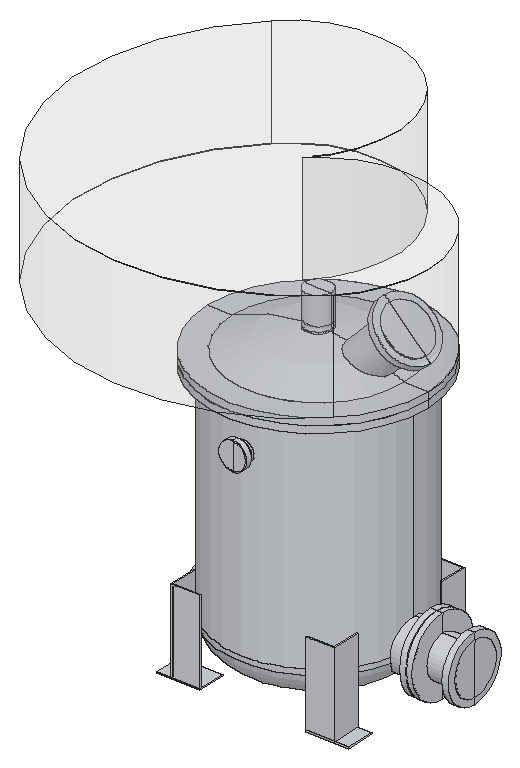
Revit family "Aquarevival_BSG40", category Mechanical Equipment, Revit 2018
Family settings
  Round Connector Dimension = Use Diameter
  Part Type = Normal
  OmniClass Number = 23.75.00.00
  OmniClass Title = Climate Control (HVAC)
  Work Plane-Based = No
  Always vertical = Yes
  Cut with Voids When Loaded = No
  Shared = No
  Room Calculation Point = No
Parameters
  Panel Location (0-4) [instance] = 0
  Panel 4 [instance] = [Panel Location (0-4)] = 4  # no
  Panel 3 [instance] = [Panel Location (0-4)] = 3  # no
  Panel 2 [instance] = [Panel Location (0-4)] = 2  # no
  Panel 1 [instance] = not(or([Panel Location (0-4)] = 2, [Panel Location (0-4)] = 3, [Panel Location (0-4)] = 4, [Panel Location (0-4)] = 0))  # no
  Outlet = 0' - 8"
  Model = "BSG40"
  Manufacturer = "Aqua Revival LLC"
  Keynote = ""
  Inlet = 0' - 8"
  Filter Discharge Rotation [instance] = 0.00°
  Filter Clearance Rotation [instance] = 0.00°
  Drain = 0' - 6"
  Description = "Regenerative Media Filter"
Reference planes (in)
  plane 1 "Center (Front/Back)": y = 0
  plane 2: z = 0
  plane 3 "Center (Left/Right)": x = 0
  plane 4: x = -10
  plane 5: x = -20.04939
  plane 6: y = -17.04402
Forms (in)
  Revolve 1, solid
    sketch origin (-9.98793, 0, 1.53002) x (1, 0, 0) y (0, 0, 1)
      loop
        line (-14.12767, 5.39286) -> (2.50798, 5.39286) -> (2.50798, 8.70536) -> (-13.12766, 8.70536) -> (-13.12766, 10.89286) -> (-14.12767, 10.89286) -> (-14.12767, 5.39286)
      axis (-14.12767, 5.39286) -> (2.50798, 5.39286)
    angle from 0 to 360
  Extrusion 2, solid
    sketch origin (-9.98793, 0, 1.53002) x (0, 1, 0) y (0, 0, 1)
      loop
        circle (0, 5.39286) r 3.25
    from -14.26766 to -14.12767
  Revolve 3, solid
    sketch origin (0, -62.99083, 4.41379) x (0, 1, 0) y (0, 0, 1)
      loop
        line (40.62187, 45.49946) -> (44.12187, 45.49946) -> (44.12187, 47.76786) -> (42.49057, 47.76786) -> (42.39687, 47.86156) -> (42.39687, 48.01786) -> (41.87187, 48.01786) -> (41.87187, 48.41208) -> (40.71557, 48.41208) -> (40.62187, 48.31823) -> (40.62187, 45.49946)
      axis (40.62187, 45.49946) -> (44.12187, 45.49946)
    angle from 0 to 360
  Extrusion 4, solid
    sketch origin (0, 0, 0) x (1, 0, 0) y (0, 1, 0)
      loop
        line (-20.04939, -17.04402) -> (-11.04939, -17.04402) -> (-11.04939, -11.04402) -> (-20.04939, -11.04402) -> (-20.04939, -17.04402)
      loop
        line (20.04939, -17.04402) -> (20.04939, -11.04402) -> (11.04939, -11.04402) -> (11.04939, -17.04402) -> (20.04939, -17.04402)
      loop
        line (-20.04939, 17.04402) -> (-20.04939, 11.04402) -> (-11.04939, 11.04402) -> (-11.04939, 17.04402) -> (-20.04939, 17.04402)
      loop
        line (20.04939, 17.04402) -> (11.04939, 17.04402) -> (11.04939, 11.04402) -> (20.04939, 11.04402) -> (20.04939, 17.04402)
    from 0 to 0.25
  Extrusion 5, solid
    sketch origin (0, 0, 0) x (1, 0, 0) y (0, 1, 0)
      loop
        line (-11.04939, -17.04402) -> (-11.04939, -16.79402) -> (-16.79939, -16.79402) -> (-16.79939, -11.04402) -> (-17.04939, -11.04402) -> (-17.04939, -17.04402) -> (-11.04939, -17.04402)
      loop
        line (11.04939, -17.04402) -> (17.04939, -17.04402) -> (17.04939, -11.04402) -> (16.79939, -11.04402) -> (16.79939, -16.79402) -> (11.04939, -16.79402) -> (11.04939, -17.04402)
      loop
        line (-11.04939, 17.04402) -> (-17.04939, 17.04402) -> (-17.04939, 11.04402) -> (-16.79939, 11.04402) -> (-16.79939, 16.79402) -> (-11.04939, 16.79402) -> (-11.04939, 17.04402)
      loop
        line (11.04939, 17.04402) -> (11.04939, 16.79402) -> (16.79939, 16.79402) -> (16.79939, 11.04402) -> (17.04939, 11.04402) -> (17.04939, 17.04402) -> (11.04939, 17.04402)
    from 0.25 to 17.75
  Extrusion 6, solid, visible <- "Panel 1"
    sketch origin (-2.52168, -7.33787, 2.94343) x (1, 0, 0) y (0, 1, 0)
      loop
        line (-26.32299, -12.86214) -> (-26.32299, -13.11014) -> (-27.35099, -13.11014) -> (-27.35099, -13.77514)
        arc (-27.35099, -13.77514) -> (-27.30413, -13.88828) -> (-27.19099, -13.93514) r 0.16
        line (-27.19099, -13.93514) -> (-11.87099, -13.93514)
        arc (-11.87099, -13.93514) -> (-11.76846, -13.89267) -> (-11.72599, -13.79014) r 0.145
        line (-11.72599, -13.79014) -> (-11.72599, -13.11014) -> (-12.65099, -13.11014) -> (-12.65099, -12.86215) -> (-11.62098, -12.86215)
        arc (-11.62098, -12.86215) -> (-11.51852, -12.81975) -> (-11.47597, -12.71735) r 0.14501
        line (-11.47597, -12.71735) -> (-11.47597, -7.00721)
        arc (-11.47597, -7.00721) -> (-11.51845, -6.90466) -> (-11.62101, -6.86218) r 0.14504
        line (-11.62101, -6.86218) -> (-27.331, -6.86218)
        arc (-27.331, -6.86218) -> (-27.43352, -6.90464) -> (-27.47598, -7.00716) r 0.14498
        line (-27.47598, -7.00716) -> (-27.47598, -12.71714)
        arc (-27.47598, -12.71714) -> (-27.43351, -12.81967) -> (-27.33099, -12.86214) r 0.145
        line (-27.33099, -12.86214) -> (-26.32299, -12.86214)
    from 35.1762 to 51.1012
  Extrusion 7, solid, visible <- "Panel 1"
    sketch origin (-2.52169, -7.33785, 2.94343) x (1, 0, 0) y (0, 1, 0)
      loop
        line (-27.47599, -6.86218) -> (-11.39599, -6.86218)
        arc (-11.39599, -6.86218) -> (-13.7725, -4.05696) -> (-15.59191, -0.86215) r 19.88322
        line (-15.59191, -0.86215) -> (-27.47599, -0.86215) -> (-27.47599, -6.86218)
    from 50.9012 to 51.1012
  Extrusion 8, solid, visible <- "Panel 1"
    sketch origin (-2.52169, -7.33785, 2.94343) x (0, 1, 0) y (0, 0, 1)
      loop
        line (-6.86218, 50.9012) -> (-6.86218, 49.53074) -> (-6.61218, 49.53074) -> (-6.61218, 50.9012) -> (-6.86218, 50.9012)
    from -27.47599 to -11.47597
  Extrusion 9, solid, visible <- "Panel 1"
    sketch origin (-2.52169, -7.33785, 89.22083) x (0, -1, 0) y (-1, 0, 0)
      loop
        line (6.86218, 11.39599) -> (6.86218, 27.47599) -> (0.86215, 27.47599) -> (0.86215, 15.59191)
        arc (0.86215, 15.59191) -> (4.05696, 13.7725) -> (6.86218, 11.39599) r 19.88322
    from 50.9012 to 51.1012
  Extrusion 10, solid, visible <- "Panel 1"
    sketch origin (-2.52169, -7.33785, 89.22083) x (0, 1, 0) y (0, 0, 1)
      loop
        line (-6.86218, -50.9012) -> (-6.61218, -50.9012) -> (-6.61218, -49.53074) -> (-6.86218, -49.53074) -> (-6.86218, -50.9012)
    from -27.47599 to -11.47597
  Revolve 11, solid, visible <- "Panel 1"
    sketch origin (-21.99766, -68.87887, 2.94343) x (0, -1, 0) y (0, 0, 1)
      loop
        line (-45.98085, 39.52627) -> (-45.98085, 40.27627)
        arc (-45.98085, 40.27627) -> (-46.1273, 40.62983) -> (-46.48085, 40.77627) r 0.5
        line (-46.48085, 40.77627) -> (-46.60585, 40.77627) -> (-46.60585, 40.02627) -> (-47.35585, 40.02627) -> (-47.35585, 40.10855) -> (-47.60585, 40.10855) -> (-47.60585, 39.52627) -> (-45.98085, 39.52627)
      axis (-47.60585, 39.52627) -> (-45.98085, 39.52627)
    angle from 0 to 360
  Revolve 12, solid
    sketch origin (5.82327, 0, 1.58801) x (1, 0, 0) y (0, 0, 1)
      loop
        line (17.62219, 15.70024) -> (5.18163, 15.70024) -> (5.18163, 10.32524) -> (26.96418, 10.32524) -> (26.96418, 15.63774) -> (26.81618, 15.63774) -> (26.81618, 17.07524) -> (25.44118, 17.07524) -> (25.44118, 14.63774) -> (20.19719, 14.63774) -> (20.19719, 18.32524) -> (18.97005, 18.32524) -> (18.97005, 18.19644) -> (18.84719, 18.19644) -> (18.84719, 18.32524) -> (17.62219, 18.32524) -> (17.62219, 15.70024)
      axis (5.18163, 10.32524) -> (26.96418, 10.32524)
    angle from 0 to 360
  Revolve 13, solid
    sketch origin (0, 0, 0) x (1, 0, 0) y (0, 0, 1)
      loop
        line (0, 71.63995) -> (-2.75, 71.63995) -> (-2.75, 65.8692)
        arc (-2.75, 65.8692) -> (-2.67781, 65.32786) -> (-2.75, 64.78652) r 2.06584
        line (-2.75, 64.78652) -> (-2.75, 64.45245) -> (-2.46875, 64.45245) -> (-2.46875, 64.37655)
        arc (-2.46875, 64.37655) -> (-10.42157, 63.07765) -> (-17.95538, 60.21825) r 40.1875
        line (-17.95538, 60.21825) -> (-23, 60.21825) -> (-23, 58.71825) -> (-22.75, 58.71825) -> (-22.75, 58.65575) -> (-23, 58.65575) -> (-23, 57.22) -> (-20, 57.22) -> (-20, 11.51874)
        arc (-20, 11.51874) -> (-19.97074, 10.88862) -> (-19.88322, 10.26392) r 6.8
        arc (-19.88322, 10.26392) -> (-18.57602, 7.55925) -> (-16.34755, 5.54482) r 7.83902
        arc (-16.34755, 5.54482) -> (-8.48367, 2.1143) -> (0, 0.83507) r 32.87889
        line (0, 0.83507) -> (0, 71.63995)
      axis (0, 71.63995) -> (0, 0.83507)
    angle from 0 to 360
  Extrusion 14, solid, visible <- "Panel 2"
    sketch origin (2.52168, -7.33787, 2.94343) x (-1, 0, 0) y (0, -1, 0)
      loop
        line (-26.32299, 12.86214) -> (-27.33099, 12.86214)
        arc (-27.33099, 12.86214) -> (-27.43351, 12.81967) -> (-27.47598, 12.71714) r 0.145
        line (-27.47598, 12.71714) -> (-27.47598, 7.00716)
        arc (-27.47598, 7.00716) -> (-27.43352, 6.90464) -> (-27.331, 6.86218) r 0.14498
        line (-27.331, 6.86218) -> (-11.62101, 6.86218)
        arc (-11.62101, 6.86218) -> (-11.51845, 6.90466) -> (-11.47597, 7.00721) r 0.14504
        line (-11.47597, 7.00721) -> (-11.47597, 12.71735)
        arc (-11.47597, 12.71735) -> (-11.51852, 12.81975) -> (-11.62098, 12.86215) r 0.14501
        line (-11.62098, 12.86215) -> (-12.65099, 12.86215) -> (-12.65099, 13.11014) -> (-11.72599, 13.11014) -> (-11.72599, 13.79014)
        arc (-11.72599, 13.79014) -> (-11.76846, 13.89267) -> (-11.87099, 13.93514) r 0.145
        line (-11.87099, 13.93514) -> (-27.19099, 13.93514)
        arc (-27.19099, 13.93514) -> (-27.30413, 13.88828) -> (-27.35099, 13.77514) r 0.16
        line (-27.35099, 13.77514) -> (-27.35099, 13.11014) -> (-26.32299, 13.11014) -> (-26.32299, 12.86214)
    from 35.1762 to 51.1012
  Extrusion 15, solid, visible <- "Panel 2"
    sketch origin (2.52169, -7.33785, 2.94343) x (-1, 0, 0) y (0, -1, 0)
      loop
        line (-27.47599, 6.86218) -> (-27.47599, 0.86215) -> (-15.59191, 0.86215)
        arc (-15.59191, 0.86215) -> (-13.7725, 4.05696) -> (-11.39599, 6.86218) r 19.88322
        line (-11.39599, 6.86218) -> (-27.47599, 6.86218)
    from 50.9012 to 51.1012
  Extrusion 16, solid, visible <- "Panel 2"
    sketch origin (2.52169, -7.33785, 2.94343) x (0, 1, 0) y (0, 0, -1)
      loop
        line (-6.86218, -50.9012) -> (-6.61218, -50.9012) -> (-6.61218, -49.53074) -> (-6.86218, -49.53074) -> (-6.86218, -50.9012)
    from -27.47599 to -11.47597
  Extrusion 17, solid, visible <- "Panel 2"
    sketch origin (2.52169, -7.33785, 89.22083) x (0, 1, 0) y (1, 0, 0)
      loop
        arc (-6.86218, 11.39599) -> (-4.05696, 13.7725) -> (-0.86215, 15.59191) r 19.88322
        line (-0.86215, 15.59191) -> (-0.86215, 27.47599) -> (-6.86218, 27.47599) -> (-6.86218, 11.39599)
    from 50.9012 to 51.1012
  Extrusion 18, solid, visible <- "Panel 2"
    sketch origin (2.52169, -7.33785, 89.22083) x (0, 1, 0) y (0, 0, -1)
      loop
        line (-6.86218, 50.9012) -> (-6.86218, 49.53074) -> (-6.61218, 49.53074) -> (-6.61218, 50.9012) -> (-6.86218, 50.9012)
    from -27.47599 to -11.47597
  Revolve 19, solid, visible <- "Panel 2"
    sketch origin (21.99766, -68.87887, 2.94343) x (0, -1, 0) y (0, 0, -1)
      loop
        line (-45.98085, -39.52627) -> (-47.60585, -39.52627) -> (-47.60585, -40.10855) -> (-47.35585, -40.10855) -> (-47.35585, -40.02627) -> (-46.60585, -40.02627) -> (-46.60585, -40.77627) -> (-46.48085, -40.77627)
        arc (-46.48085, -40.77627) -> (-46.1273, -40.62983) -> (-45.98085, -40.27627) r 0.5
        line (-45.98085, -40.27627) -> (-45.98085, -39.52627)
      axis (-47.60585, -39.52627) -> (-45.98085, -39.52627)
    angle from 0 to 360
  Extrusion 20, solid, visible <- "Panel 4"
    sketch origin (-2.52168, 7.33787, 2.94343) x (1, 0, 0) y (0, 1, 0)
      loop
        line (-26.32299, 12.86214) -> (-27.33099, 12.86214)
        arc (-27.33099, 12.86214) -> (-27.43351, 12.81967) -> (-27.47598, 12.71714) r 0.145
        line (-27.47598, 12.71714) -> (-27.47598, 7.00716)
        arc (-27.47598, 7.00716) -> (-27.43352, 6.90464) -> (-27.331, 6.86218) r 0.14498
        line (-27.331, 6.86218) -> (-11.62101, 6.86218)
        arc (-11.62101, 6.86218) -> (-11.51845, 6.90466) -> (-11.47597, 7.00721) r 0.14504
        line (-11.47597, 7.00721) -> (-11.47597, 12.71735)
        arc (-11.47597, 12.71735) -> (-11.51852, 12.81975) -> (-11.62098, 12.86215) r 0.14501
        line (-11.62098, 12.86215) -> (-12.65099, 12.86215) -> (-12.65099, 13.11014) -> (-11.72599, 13.11014) -> (-11.72599, 13.79014)
        arc (-11.72599, 13.79014) -> (-11.76846, 13.89267) -> (-11.87099, 13.93514) r 0.145
        line (-11.87099, 13.93514) -> (-27.19099, 13.93514)
        arc (-27.19099, 13.93514) -> (-27.30413, 13.88828) -> (-27.35099, 13.77514) r 0.16
        line (-27.35099, 13.77514) -> (-27.35099, 13.11014) -> (-26.32299, 13.11014) -> (-26.32299, 12.86214)
    from 35.1762 to 51.1012
  Extrusion 21, solid, visible <- "Panel 4"
    sketch origin (-2.52169, 7.33785, 2.94343) x (1, 0, 0) y (0, 1, 0)
      loop
        line (-27.47599, 6.86218) -> (-27.47599, 0.86215) -> (-15.59191, 0.86215)
        arc (-15.59191, 0.86215) -> (-13.7725, 4.05696) -> (-11.39599, 6.86218) r 19.88322
        line (-11.39599, 6.86218) -> (-27.47599, 6.86218)
    from 50.9012 to 51.1012
  Extrusion 22, solid, visible <- "Panel 4"
    sketch origin (-2.52169, 7.33785, 2.94343) x (0, -1, 0) y (0, 0, -1)
      loop
        line (-6.86218, -50.9012) -> (-6.61218, -50.9012) -> (-6.61218, -49.53074) -> (-6.86218, -49.53074) -> (-6.86218, -50.9012)
    from -27.47599 to -11.47597
  Extrusion 23, solid, visible <- "Panel 4"
    sketch origin (-2.52169, 7.33785, 89.22083) x (0, -1, 0) y (-1, 0, 0)
      loop
        arc (-6.86218, 11.39599) -> (-4.05696, 13.7725) -> (-0.86215, 15.59191) r 19.88322
        line (-0.86215, 15.59191) -> (-0.86215, 27.47599) -> (-6.86218, 27.47599) -> (-6.86218, 11.39599)
    from 50.9012 to 51.1012
  Extrusion 24, solid, visible <- "Panel 4"
    sketch origin (-2.52169, 7.33785, 89.22083) x (0, -1, 0) y (0, 0, -1)
      loop
        line (-6.86218, 50.9012) -> (-6.86218, 49.53074) -> (-6.61218, 49.53074) -> (-6.61218, 50.9012) -> (-6.86218, 50.9012)
    from -27.47599 to -11.47597
  Revolve 25, solid, visible <- "Panel 4"
    sketch origin (-21.99766, 68.87887, 2.94343) x (0, 1, 0) y (0, 0, -1)
      loop
        line (-45.98085, -39.52627) -> (-47.60585, -39.52627) -> (-47.60585, -40.10855) -> (-47.35585, -40.10855) -> (-47.35585, -40.02627) -> (-46.60585, -40.02627) -> (-46.60585, -40.77627) -> (-46.48085, -40.77627)
        arc (-46.48085, -40.77627) -> (-46.1273, -40.62983) -> (-45.98085, -40.27627) r 0.5
        line (-45.98085, -40.27627) -> (-45.98085, -39.52627)
      axis (-47.60585, -39.52627) -> (-45.98085, -39.52627)
    angle from 0 to 360
  Extrusion 26, solid, visible <- "Panel 3"
    sketch origin (2.52168, 7.33787, 2.94343) x (-1, 0, 0) y (0, -1, 0)
      loop
        line (-26.32299, -12.86214) -> (-26.32299, -13.11014) -> (-27.35099, -13.11014) -> (-27.35099, -13.77514)
        arc (-27.35099, -13.77514) -> (-27.30413, -13.88828) -> (-27.19099, -13.93514) r 0.16
        line (-27.19099, -13.93514) -> (-11.87099, -13.93514)
        arc (-11.87099, -13.93514) -> (-11.76846, -13.89267) -> (-11.72599, -13.79014) r 0.145
        line (-11.72599, -13.79014) -> (-11.72599, -13.11014) -> (-12.65099, -13.11014) -> (-12.65099, -12.86215) -> (-11.62098, -12.86215)
        arc (-11.62098, -12.86215) -> (-11.51852, -12.81975) -> (-11.47597, -12.71735) r 0.14501
        line (-11.47597, -12.71735) -> (-11.47597, -7.00721)
        arc (-11.47597, -7.00721) -> (-11.51845, -6.90466) -> (-11.62101, -6.86218) r 0.14504
        line (-11.62101, -6.86218) -> (-27.331, -6.86218)
        arc (-27.331, -6.86218) -> (-27.43352, -6.90464) -> (-27.47598, -7.00716) r 0.14498
        line (-27.47598, -7.00716) -> (-27.47598, -12.71714)
        arc (-27.47598, -12.71714) -> (-27.43351, -12.81967) -> (-27.33099, -12.86214) r 0.145
        line (-27.33099, -12.86214) -> (-26.32299, -12.86214)
    from 35.1762 to 51.1012
  Extrusion 27, solid, visible <- "Panel 3"
    sketch origin (2.52169, 7.33785, 2.94343) x (-1, 0, 0) y (0, -1, 0)
      loop
        line (-27.47599, -6.86218) -> (-11.39599, -6.86218)
        arc (-11.39599, -6.86218) -> (-13.7725, -4.05696) -> (-15.59191, -0.86215) r 19.88322
        line (-15.59191, -0.86215) -> (-27.47599, -0.86215) -> (-27.47599, -6.86218)
    from 50.9012 to 51.1012
  Extrusion 28, solid, visible <- "Panel 3"
    sketch origin (2.52169, 7.33785, 2.94343) x (0, -1, 0) y (0, 0, 1)
      loop
        line (-6.86218, 50.9012) -> (-6.86218, 49.53074) -> (-6.61218, 49.53074) -> (-6.61218, 50.9012) -> (-6.86218, 50.9012)
    from -27.47599 to -11.47597
  Extrusion 29, solid, visible <- "Panel 3"
    sketch origin (2.52169, 7.33785, 89.22083) x (0, 1, 0) y (1, 0, 0)
      loop
        line (6.86218, 11.39599) -> (6.86218, 27.47599) -> (0.86215, 27.47599) -> (0.86215, 15.59191)
        arc (0.86215, 15.59191) -> (4.05696, 13.7725) -> (6.86218, 11.39599) r 19.88322
    from 50.9012 to 51.1012
  Extrusion 30, solid, visible <- "Panel 3"
    sketch origin (2.52169, 7.33785, 89.22083) x (0, -1, 0) y (0, 0, 1)
      loop
        line (-6.86218, -50.9012) -> (-6.61218, -50.9012) -> (-6.61218, -49.53074) -> (-6.86218, -49.53074) -> (-6.86218, -50.9012)
    from -27.47599 to -11.47597
  Revolve 31, solid, visible <- "Panel 3"
    sketch origin (21.99766, 68.87887, 2.94343) x (0, 1, 0) y (0, 0, 1)
      loop
        line (-45.98085, 39.52627) -> (-45.98085, 40.27627)
        arc (-45.98085, 40.27627) -> (-46.1273, 40.62983) -> (-46.48085, 40.77627) r 0.5
        line (-46.48085, 40.77627) -> (-46.60585, 40.77627) -> (-46.60585, 40.02627) -> (-47.35585, 40.02627) -> (-47.35585, 40.10855) -> (-47.60585, 40.10855) -> (-47.60585, 39.52627) -> (-45.98085, 39.52627)
      axis (-47.60585, 39.52627) -> (-45.98085, 39.52627)
    angle from 0 to 360
Cuts and joins
  joined: Revolve 1, Revolve 3, Extrusion 5
Lines and regions (in)
  reference lines
    curve 1: line (0, 0, 0) -> (19, 0, 0)
    curve 2: line (0, 0, 0) -> (0, 19, 0)
  model lines, visible <- "Panel 1"
    curve 3: line (-26.62607, -21.27301, 51.40203) -> (-18.24781, -21.27301, 51.40203)
    curve 4: line (-26.62607, -21.27301, 45.68477) -> (-26.62607, -21.27301, 51.40203)
    curve 5: line (-18.24781, -21.27301, 45.68477) -> (-26.62607, -21.27301, 45.68477)
    curve 6: line (-18.24781, -21.27301, 51.40203) -> (-18.24781, -21.27301, 45.68477)
    curve 7: line (-19.34639, -21.27301, 46.79143) -> (-25.52749, -21.27301, 46.79143)
    curve 8: line (-19.34639, -21.27301, 50.29537) -> (-19.34639, -21.27301, 46.79143)
    curve 9: line (-25.52749, -21.27301, 50.29537) -> (-19.34639, -21.27301, 50.29537)
    curve 10: line (-25.52749, -21.27301, 46.79143) -> (-25.52749, -21.27301, 50.29537)
    curve 11: arc (-16.49997, -21.27301, 46.59352) -> (-17.05115, -21.27301, 46.04233) -> (-16.49997, -21.27301, 45.49115) r 0.55118
    curve 12: arc (-16.49997, -21.27301, 45.49115) -> (-15.94879, -21.27301, 46.04233) -> (-16.49997, -21.27301, 46.59352) r 0.55118
    curve 13: arc (-16.49997, -21.27301, 45.60926) -> (-16.0669, -21.27301, 46.04233) -> (-16.49997, -21.27301, 46.4754) r 0.43307
    curve 14: arc (-16.49997, -21.27301, 46.4754) -> (-16.93304, -21.27301, 46.04233) -> (-16.49997, -21.27301, 45.60926) r 0.43307
    curve 15: arc (-16.49997, -21.27301, 46.37107) -> (-16.82871, -21.27301, 46.04233) -> (-16.49997, -21.27301, 45.71359) r 0.32874
    curve 16: arc (-16.49997, -21.27301, 45.71359) -> (-16.17123, -21.27301, 46.04233) -> (-16.49997, -21.27301, 46.37107) r 0.32874
    curve 17: line (-16.81007, -21.27301, 46.09745) -> (-16.18987, -21.27301, 46.09745)
    curve 18: line (-16.18987, -21.27301, 45.98722) -> (-16.81007, -21.27301, 45.98722)
  model lines
    curve 19: line (-19.21583, 0, 11.83507) -> (-19.21583, 0, 0.83507)
  model lines, visible <- "Panel 2"
    curve 20: line (26.62607, -21.27301, 51.40203) -> (18.24781, -21.27301, 51.40203)
    curve 21: line (26.62607, -21.27301, 45.68477) -> (26.62607, -21.27301, 51.40203)
    curve 22: line (18.24781, -21.27301, 45.68477) -> (26.62607, -21.27301, 45.68477)
    curve 23: line (18.24781, -21.27301, 51.40203) -> (18.24781, -21.27301, 45.68477)
    curve 24: line (19.34639, -21.27301, 46.79143) -> (25.52749, -21.27301, 46.79143)
    curve 25: line (19.34639, -21.27301, 50.29537) -> (19.34639, -21.27301, 46.79143)
    curve 26: line (25.52749, -21.27301, 50.29537) -> (19.34639, -21.27301, 50.29537)
    curve 27: line (25.52749, -21.27301, 46.79143) -> (25.52749, -21.27301, 50.29537)
    curve 28: arc (16.49997, -21.27301, 46.59352) -> (17.05115, -21.27301, 46.04233) -> (16.49997, -21.27301, 45.49115) r 0.55118
    curve 29: arc (16.49997, -21.27301, 45.49115) -> (15.94879, -21.27301, 46.04233) -> (16.49997, -21.27301, 46.59352) r 0.55118
    curve 30: arc (16.49997, -21.27301, 45.60926) -> (16.0669, -21.27301, 46.04233) -> (16.49997, -21.27301, 46.4754) r 0.43307
    curve 31: arc (16.49997, -21.27301, 46.4754) -> (16.93304, -21.27301, 46.04233) -> (16.49997, -21.27301, 45.60926) r 0.43307
    curve 32: arc (16.49997, -21.27301, 46.37107) -> (16.82871, -21.27301, 46.04233) -> (16.49997, -21.27301, 45.71359) r 0.32874
    curve 33: arc (16.49997, -21.27301, 45.71359) -> (16.17123, -21.27301, 46.04233) -> (16.49997, -21.27301, 46.37107) r 0.32874
    curve 34: line (16.81007, -21.27301, 46.09745) -> (16.18987, -21.27301, 46.09745)
    curve 35: line (16.18987, -21.27301, 45.98722) -> (16.81007, -21.27301, 45.98722)
  model lines, visible <- "Panel 4"
    curve 36: line (-26.62607, 21.27301, 51.40203) -> (-18.24781, 21.27301, 51.40203)
    curve 37: line (-26.62607, 21.27301, 45.68477) -> (-26.62607, 21.27301, 51.40203)
    curve 38: line (-18.24781, 21.27301, 45.68477) -> (-26.62607, 21.27301, 45.68477)
    curve 39: line (-18.24781, 21.27301, 51.40203) -> (-18.24781, 21.27301, 45.68477)
    curve 40: line (-19.34639, 21.27301, 46.79143) -> (-25.52749, 21.27301, 46.79143)
    curve 41: line (-19.34639, 21.27301, 50.29537) -> (-19.34639, 21.27301, 46.79143)
    curve 42: line (-25.52749, 21.27301, 50.29537) -> (-19.34639, 21.27301, 50.29537)
    curve 43: line (-25.52749, 21.27301, 46.79143) -> (-25.52749, 21.27301, 50.29537)
    curve 44: arc (-16.49997, 21.27301, 46.59352) -> (-17.05115, 21.27301, 46.04233) -> (-16.49997, 21.27301, 45.49115) r 0.55118
    curve 45: arc (-16.49997, 21.27301, 45.49115) -> (-15.94879, 21.27301, 46.04233) -> (-16.49997, 21.27301, 46.59352) r 0.55118
    curve 46: arc (-16.49997, 21.27301, 45.60926) -> (-16.0669, 21.27301, 46.04233) -> (-16.49997, 21.27301, 46.4754) r 0.43307
    curve 47: arc (-16.49997, 21.27301, 46.4754) -> (-16.93304, 21.27301, 46.04233) -> (-16.49997, 21.27301, 45.60926) r 0.43307
    curve 48: arc (-16.49997, 21.27301, 46.37107) -> (-16.82871, 21.27301, 46.04233) -> (-16.49997, 21.27301, 45.71359) r 0.32874
    curve 49: arc (-16.49997, 21.27301, 45.71359) -> (-16.17123, 21.27301, 46.04233) -> (-16.49997, 21.27301, 46.37107) r 0.32874
    curve 50: line (-16.81007, 21.27301, 46.09745) -> (-16.18987, 21.27301, 46.09745)
    curve 51: line (-16.18987, 21.27301, 45.98722) -> (-16.81007, 21.27301, 45.98722)
  model lines, visible <- "Panel 3"
    curve 52: line (26.62607, 21.27301, 51.40203) -> (18.24781, 21.27301, 51.40203)
    curve 53: line (26.62607, 21.27301, 45.68477) -> (26.62607, 21.27301, 51.40203)
    curve 54: line (18.24781, 21.27301, 45.68477) -> (26.62607, 21.27301, 45.68477)
    curve 55: line (18.24781, 21.27301, 51.40203) -> (18.24781, 21.27301, 45.68477)
    curve 56: line (19.34639, 21.27301, 46.79143) -> (25.52749, 21.27301, 46.79143)
    curve 57: line (19.34639, 21.27301, 50.29537) -> (19.34639, 21.27301, 46.79143)
    curve 58: line (25.52749, 21.27301, 50.29537) -> (19.34639, 21.27301, 50.29537)
    curve 59: line (25.52749, 21.27301, 46.79143) -> (25.52749, 21.27301, 50.29537)
    curve 60: arc (16.49997, 21.27301, 46.59352) -> (17.05115, 21.27301, 46.04233) -> (16.49997, 21.27301, 45.49115) r 0.55118
    curve 61: arc (16.49997, 21.27301, 45.49115) -> (15.94879, 21.27301, 46.04233) -> (16.49997, 21.27301, 46.59352) r 0.55118
    curve 62: arc (16.49997, 21.27301, 45.60926) -> (16.0669, 21.27301, 46.04233) -> (16.49997, 21.27301, 46.4754) r 0.43307
    curve 63: arc (16.49997, 21.27301, 46.4754) -> (16.93304, 21.27301, 46.04233) -> (16.49997, 21.27301, 45.60926) r 0.43307
    curve 64: arc (16.49997, 21.27301, 46.37107) -> (16.82871, 21.27301, 46.04233) -> (16.49997, 21.27301, 45.71359) r 0.32874
    curve 65: arc (16.49997, 21.27301, 45.71359) -> (16.17123, 21.27301, 46.04233) -> (16.49997, 21.27301, 46.37107) r 0.32874
    curve 66: line (16.81007, 21.27301, 46.09745) -> (16.18987, 21.27301, 46.09745)
    curve 67: line (16.18987, 21.27301, 45.98722) -> (16.81007, 21.27301, 45.98722)
Dimensions and locks (in)
  "Filter Discharge Rotation": angle plane 1 "Center (Front/Back)" to curve 1
  "Filter Clearance Rotation": angle curve 2 to plane 3 "Center (Left/Right)"
  aligned and locked: level to plane 2
  aligned and locked: plane 3 "Center (Left/Right)" to curve 2
  aligned and locked: plane 1 "Center (Front/Back)" to curve 2
Automatic sketch dimensions
  level to curve 19 = 0' - 0.83507"
  plane 4 to curve 19 = 0' - 9.21583"
  curve 19 to curve 19 = 0' - 11"
  plane 4 to Revolve 1 sketch curve = 1' - 2.1156"
  Revolve 1 sketch curve to Revolve 1 sketch curve = 0' - 1"
  Revolve 1 sketch curve to plane 4 = 0' - 2.52005"
  level to Revolve 1 sketch curve = 0' - 6.92288"
  Revolve 1 sketch curve to Revolve 1 sketch curve = 0' - 3 5/16"
  Revolve 1 sketch curve to Revolve 1 sketch curve = 0' - 2 3/16"
  Revolve 1 sketch curve to Revolve 1 sketch curve = 0' - 4 1/2"
  Revolve 1 sketch curve to Revolve 1 sketch curve = 0' - 2 1/4"
  Revolve 1 sketch curve to Revolve 1 sketch curve = 0' - 0"
  Extrusion 2 sketch curve to plane 1 "Center (Front/Back)" = 0' - 0"
  level to Extrusion 2 sketch curve = 0' - 6.92288"
  plane 1 "Center (Front/Back)" to Revolve 3 sketch curve = 1' - 10.36896"
  Revolve 3 sketch curve to Revolve 3 sketch curve = 0' - 0.0937"  (x4)
  Revolve 3 sketch curve to Revolve 3 sketch curve = 0' - 1.1563"
  Revolve 3 sketch curve to Revolve 3 sketch curve = 0' - 0.525"
  Revolve 3 sketch curve to Revolve 3 sketch curve = 0' - 1.6313"
  level to Revolve 3 sketch curve = 4' - 1.91325"
  Revolve 3 sketch curve to Revolve 3 sketch curve = 0' - 2.26839"
  Revolve 3 sketch curve to Revolve 3 sketch curve = 0' - 0.1563"
  Revolve 3 sketch curve to Revolve 3 sketch curve = 0' - 0.30037"
  Revolve 3 sketch curve to Revolve 3 sketch curve = 0' - 0.09385"
  Revolve 3 sketch curve to Revolve 3 sketch curve = 0' - 1"
  Revolve 3 sketch curve to Revolve 3 sketch curve = 0' - 0"
  plane 4 to Extrusion 6 sketch curve = 1' - 7.99767"
  Extrusion 6 sketch curve to Extrusion 6 sketch curve = 0' - 0 1/8"
  Extrusion 6 sketch curve to Extrusion 6 sketch curve = 0' - 0.14498"
  Extrusion 6 sketch curve to Extrusion 6 sketch curve = 0' - 0.145"  (x2)
  Extrusion 6 sketch curve to Extrusion 6 sketch curve = 0' - 0.16"
  Extrusion 6 sketch curve to Extrusion 6 sketch curve = 0' - 1.028"
  plane 4 to Extrusion 6 sketch curve = 0' - 5.17267"
  Extrusion 6 sketch curve to Extrusion 6 sketch curve = 0' - 0.78"
  plane 4 to Extrusion 6 sketch curve = 0' - 4.14269"
  Extrusion 6 sketch curve to Extrusion 6 sketch curve = 0' - 0.10501"
  Extrusion 6 sketch curve to Extrusion 6 sketch curve = 0' - 0.14501"
  plane 1 "Center (Front/Back)" to Extrusion 6 sketch curve = 1' - 9.27301"
  Extrusion 6 sketch curve to Extrusion 6 sketch curve = 0' - 0.665"
  Extrusion 6 sketch curve to Extrusion 6 sketch curve = 0' - 0.68"
  Extrusion 6 sketch curve to Extrusion 6 sketch curve = 0' - 0.24799"
  Extrusion 6 sketch curve to Extrusion 6 sketch curve = 0' - 0.248"
  Extrusion 6 sketch curve to Extrusion 6 sketch curve = 0' - 0.14479"
  Extrusion 6 sketch curve to Extrusion 6 sketch curve = 0' - 5.70992"
  plane 1 "Center (Front/Back)" to Extrusion 7 sketch curve = 0' - 0"
  Extrusion 7 sketch curve to plane 3 "Center (Left/Right)" = 0' - 0"
  plane 4 to Extrusion 7 sketch curve = 0' - 3.91767"
  Extrusion 7 sketch curve to Extrusion 7 sketch curve = 0' - 4.19592"
  Extrusion 7 sketch curve to Extrusion 7 sketch curve = 0' - 11.88408"
  plane 1 "Center (Front/Back)" to Extrusion 7 sketch curve = 0' - 8.2"
  plane 1 "Center (Front/Back)" to Extrusion 8 sketch curve = 1' - 2.20003"
  Extrusion 8 sketch curve to Extrusion 8 sketch curve = 0' - 0 1/4"
  level to Extrusion 8 sketch curve = 4' - 4.47418"
  Extrusion 8 sketch curve to Extrusion 8 sketch curve = 0' - 1.37046"
  plane 1 "Center (Front/Back)" to Extrusion 9 sketch curve = 0' - 0"
  Extrusion 9 sketch curve to plane 3 "Center (Left/Right)" = 0' - 0"
  plane 1 "Center (Front/Back)" to Extrusion 9 sketch curve = 0' - 8.2"
  Extrusion 9 sketch curve to Extrusion 9 sketch curve = 0' - 6.00003"
  plane 4 to Extrusion 9 sketch curve = 0' - 3.91767"
  Extrusion 9 sketch curve to Extrusion 9 sketch curve = 0' - 11.88408"
  Extrusion 10 sketch curve to plane 1 "Center (Front/Back)" = 1' - 2.20003"
  Extrusion 10 sketch curve to Extrusion 10 sketch curve = 0' - 0 1/4"
  Extrusion 10 sketch curve to level = 3' - 3.69009"
  Extrusion 10 sketch curve to Extrusion 10 sketch curve = 0' - 1.37046"
  plane 1 "Center (Front/Back)" to Revolve 11 sketch curve = 1' - 9.27303"
  Revolve 11 sketch curve to Revolve 11 sketch curve = 0' - 0 1/4"  (x2)
  Revolve 11 sketch curve to Revolve 11 sketch curve = 0' - 0 3/4"
  Revolve 11 sketch curve to Revolve 11 sketch curve = 0' - 0 1/8"
  Revolve 11 sketch curve to Revolve 11 sketch curve = 0' - 0 5/8"
  level to Revolve 11 sketch curve = 3' - 6.46971"
  Revolve 11 sketch curve to Revolve 11 sketch curve = 0' - 0 1/2"  (x2)
  Revolve 11 sketch curve to Revolve 11 sketch curve = 0' - 0.08228"
  Revolve 11 sketch curve to Revolve 11 sketch curve = 0' - 0.57774"
  Revolve 11 sketch curve to Revolve 11 sketch curve = 0' - 0"  (x4)
  Revolve 11 sketch curve to Revolve 11 sketch curve = 0' - 0.35941"
  curve 11 to curve 12 = 0' - 0"  (x2)
  curve 11 to curve 13 = 0' - 0"  (x2)
  curve 11 to curve 14 = 0' - 0"  (x2)
  curve 11 to curve 15 = 0' - 0"  (x2)
  curve 11 to curve 16 = 0' - 0"  (x2)
  curve 12 to curve 13 = 0' - 0"  (x2)
  curve 12 to curve 14 = 0' - 0"  (x2)
  curve 12 to curve 15 = 0' - 0"  (x2)
  curve 12 to curve 16 = 0' - 0"  (x2)
  curve 13 to curve 14 = 0' - 0"  (x2)
  curve 13 to curve 15 = 0' - 0"  (x2)
  curve 13 to curve 16 = 0' - 0"  (x2)
  curve 14 to curve 15 = 0' - 0"  (x2)
  curve 14 to curve 16 = 0' - 0"  (x2)
  curve 15 to curve 16 = 0' - 0"  (x2)
  Extrusion 6 to curve 5 = 0' - 3.08661"
  curve 3 to curve 9 = 0' - 1.09858"
  curve 9 to Extrusion 6 = 0' - 4.95372"
  curve 7 to curve 5 = 0' - 1.09858"
  curve 5 to curve 13 = 0' - 1.74784"
  Extrusion 6 to curve 5 = 0' - 7.56514"
  curve 5 to curve 13 = 0' - 0.35756"
  curve 5 to curve 7 = 0' - 1.10666"
  curve 7 to curve 10 = 0' - 3.50394"
  curve 9 to curve 4 = 0' - 1.10666"
  curve 17 to curve 11 = 0' - 0.3101"
  curve 17 to curve 18 = 0' - 0"  (x2)
  curve 13 to curve 18 = 0' - 0.3101"
  curve 13 to curve 11 = 0' - 0.43307"
  curve 12 to curve 13 = 0' - 0.11811"
  curve 13 to curve 16 = 0' - 0.10433"
  curve 18 to curve 11 = 0' - 0.05512"
  curve 18 to curve 17 = 0' - 0.11024"
  plane 3 "Center (Left/Right)" to Revolve 12 sketch curve = 0' - 11.0049"
  Revolve 12 sketch curve to Revolve 12 sketch curve = 1' - 0.44056"
  Revolve 12 sketch curve to Revolve 12 sketch curve = 0' - 1.225"
  Revolve 12 sketch curve to Revolve 12 sketch curve = 0' - 0.12285"
  Revolve 12 sketch curve to Revolve 12 sketch curve = 0' - 2.575"
  Revolve 12 sketch curve to Revolve 12 sketch curve = 0' - 5.24398"
  Revolve 12 sketch curve to Revolve 12 sketch curve = 0' - 1 3/8"
  Revolve 12 sketch curve to Revolve 12 sketch curve = 0' - 0.148"
  level to Revolve 12 sketch curve = 0' - 11.91325"
  Revolve 12 sketch curve to Revolve 12 sketch curve = 0' - 4 5/16"
  Revolve 12 sketch curve to Revolve 12 sketch curve = 0' - 1"
  Revolve 12 sketch curve to Revolve 12 sketch curve = 0' - 1 1/16"
  Revolve 12 sketch curve to Revolve 12 sketch curve = 0' - 1 7/16"
  Revolve 12 sketch curve to Revolve 12 sketch curve = 0' - 2.4962"
  Revolve 12 sketch curve to Revolve 12 sketch curve = 0' - 0.1288"
  Revolve 12 sketch curve to Revolve 12 sketch curve = 0' - 0"
  Revolve 12 sketch curve to Revolve 12 sketch curve = 0' - 3.15802"
  Revolve 12 sketch curve to Revolve 12 sketch curve = 0' - 4"
  Revolve 12 sketch curve to Revolve 12 sketch curve = 0' - 5 3/8"
  Revolve 13 sketch curve to plane 3 "Center (Left/Right)" = 0' - 0"  (x3)
  Revolve 13 sketch curve to plane 3 "Center (Left/Right)" = 0' - 2 15/32"
  Revolve 13 sketch curve to Revolve 13 sketch curve = 0' - 0 9/32"
  Revolve 13 sketch curve to Revolve 13 sketch curve = 0' - 2 3/4"  (x2)
  Revolve 13 sketch curve to Revolve 13 sketch curve = 0' - 1.99365"
  plane 4 to Revolve 13 sketch curve = 0' - 2.30247"
  Revolve 13 sketch curve to Revolve 13 sketch curve = 0' - 0.89753"
  plane 4 to Revolve 13 sketch curve = 0' - 7.95538"
  Revolve 13 sketch curve to Revolve 13 sketch curve = 0' - 2.04462"
  Revolve 13 sketch curve to Revolve 13 sketch curve = 0' - 0 1/4"
  Revolve 13 sketch curve to Revolve 13 sketch curve = 0' - 0"  (x3)
  plane 3 "Center (Left/Right)" to Revolve 13 sketch curve = 0' - 0.61855"
  level to Revolve 13 sketch curve = 0' - 0.83507"
  level to Revolve 13 sketch curve = 0' - 11.51874"
  Revolve 13 sketch curve to Revolve 13 sketch curve = 0' - 0.74081"
  Revolve 13 sketch curve to Revolve 13 sketch curve = 1' - 0.0054"
  Revolve 13 sketch curve to Revolve 13 sketch curve = 0' - 9.44319"
  Revolve 13 sketch curve to Revolve 13 sketch curve = 1' - 11.51185"
  Revolve 13 sketch curve to Revolve 13 sketch curve = 0' - 1.43575"
  Revolve 13 sketch curve to Revolve 13 sketch curve = 0' - 0 1/16"
  Revolve 13 sketch curve to Revolve 13 sketch curve = 0' - 1 1/2"
  Revolve 13 sketch curve to Revolve 13 sketch curve = 0' - 0.0759"
  Revolve 13 sketch curve to Revolve 13 sketch curve = 0' - 0.33407"
  Revolve 13 sketch curve to Revolve 13 sketch curve = 0' - 0.54134"
  Revolve 13 sketch curve to Revolve 13 sketch curve = 0' - 5.77075"
  Revolve 13 sketch curve to Revolve 13 sketch curve = 0' - 0.11678"
  Revolve 13 sketch curve to Revolve 13 sketch curve = 0' - 1.74431"
  Revolve 13 sketch curve to Revolve 13 sketch curve = 0' - 5"
  plane 1 "Center (Front/Back)" to Extrusion 14 sketch curve = 1' - 2.34503"
  plane 3 "Center (Left/Right)" to Extrusion 14 sketch curve = 2' - 5.99767"
  Extrusion 14 sketch curve to Extrusion 14 sketch curve = 0' - 0 1/8"
  Extrusion 14 sketch curve to Extrusion 14 sketch curve = 0' - 0.14498"
  Extrusion 14 sketch curve to Extrusion 14 sketch curve = 0' - 0.145"  (x2)
  Extrusion 14 sketch curve to Extrusion 14 sketch curve = 0' - 0.16"
  Extrusion 14 sketch curve to Extrusion 14 sketch curve = 0' - 1.028"
  Extrusion 14 sketch curve to Extrusion 14 sketch curve = 1' - 1.672"
  Extrusion 14 sketch curve to Extrusion 14 sketch curve = 0' - 0.78"
  Extrusion 14 sketch curve to Extrusion 14 sketch curve = 0' - 1.02998"
  Extrusion 14 sketch curve to Extrusion 14 sketch curve = 0' - 0.10501"
  Extrusion 14 sketch curve to Extrusion 14 sketch curve = 0' - 0.14501"
  Extrusion 14 sketch curve to Extrusion 14 sketch curve = 0' - 5.70992"
  Extrusion 14 sketch curve to Extrusion 14 sketch curve = 0' - 5.70998"
  Extrusion 14 sketch curve to Extrusion 14 sketch curve = 0' - 0.00021"
  Extrusion 14 sketch curve to Extrusion 14 sketch curve = 0' - 0.248"
  Extrusion 14 sketch curve to Extrusion 14 sketch curve = 0' - 0.24799"
  Extrusion 14 sketch curve to Extrusion 14 sketch curve = 0' - 0.665"
  plane 1 "Center (Front/Back)" to Extrusion 15 sketch curve = 0' - 0"
  Extrusion 15 sketch curve to plane 3 "Center (Left/Right)" = 0' - 0"
  plane 3 "Center (Left/Right)" to Extrusion 15 sketch curve = 1' - 1.91767"
  Extrusion 15 sketch curve to Extrusion 15 sketch curve = 0' - 4.19592"
  Extrusion 15 sketch curve to Extrusion 15 sketch curve = 0' - 11.88408"
  plane 1 "Center (Front/Back)" to Extrusion 15 sketch curve = 0' - 8.2"
  plane 1 "Center (Front/Back)" to Extrusion 16 sketch curve = 1' - 2.20003"
  Extrusion 16 sketch curve to Extrusion 16 sketch curve = 0' - 0 1/4"
  level to Extrusion 16 sketch curve = 4' - 5.84463"
  Extrusion 16 sketch curve to Extrusion 16 sketch curve = 0' - 1.37046"
  plane 1 "Center (Front/Back)" to Extrusion 17 sketch curve = 0' - 0"
  Extrusion 17 sketch curve to plane 3 "Center (Left/Right)" = 0' - 0"
  plane 1 "Center (Front/Back)" to Extrusion 17 sketch curve = 0' - 8.2"
  Extrusion 17 sketch curve to Extrusion 17 sketch curve = 0' - 6.00003"
  plane 3 "Center (Left/Right)" to Extrusion 17 sketch curve = 1' - 1.91767"
  Extrusion 17 sketch curve to Extrusion 17 sketch curve = 0' - 11.88408"
  plane 1 "Center (Front/Back)" to Extrusion 18 sketch curve = 1' - 2.20003"
  Extrusion 18 sketch curve to Extrusion 18 sketch curve = 0' - 0 1/4"
  level to Extrusion 18 sketch curve = 3' - 3.69009"
  Extrusion 18 sketch curve to Extrusion 18 sketch curve = 0' - 1.37046"
  plane 1 "Center (Front/Back)" to Revolve 19 sketch curve = 1' - 9.27303"
  Revolve 19 sketch curve to Revolve 19 sketch curve = 0' - 0 1/4"  (x2)
  Revolve 19 sketch curve to Revolve 19 sketch curve = 0' - 0 3/4"  (x2)
  Revolve 19 sketch curve to Revolve 19 sketch curve = 0' - 0 1/8"
  Revolve 19 sketch curve to Revolve 19 sketch curve = 0' - 0 5/8"
  level to Revolve 19 sketch curve = 3' - 7.71971"
  Revolve 19 sketch curve to Revolve 19 sketch curve = 0' - 0 1/2"
  Revolve 19 sketch curve to Revolve 19 sketch curve = 0' - 0.16772"
  Revolve 19 sketch curve to Revolve 19 sketch curve = 0' - 0.57774"
  Revolve 19 sketch curve to Revolve 19 sketch curve = 0' - 0"  (x4)
  Revolve 19 sketch curve to Revolve 19 sketch curve = 0' - 0.35941"
  curve 28 to curve 29 = 0' - 0"  (x2)
  curve 28 to curve 30 = 0' - 0"  (x2)
  curve 28 to curve 31 = 0' - 0"  (x2)
  curve 28 to curve 32 = 0' - 0"  (x2)
  curve 28 to curve 33 = 0' - 0"  (x2)
  curve 29 to curve 30 = 0' - 0"  (x2)
  curve 29 to curve 31 = 0' - 0"  (x2)
  curve 29 to curve 32 = 0' - 0"  (x2)
  curve 29 to curve 33 = 0' - 0"  (x2)
  curve 30 to curve 31 = 0' - 0"  (x2)
  curve 30 to curve 32 = 0' - 0"  (x2)
  curve 30 to curve 33 = 0' - 0"  (x2)
  curve 31 to curve 32 = 0' - 0"  (x2)
  curve 31 to curve 33 = 0' - 0"  (x2)
  curve 32 to curve 33 = 0' - 0"  (x2)
  Extrusion 14 to curve 22 = 0' - 3.08661"
  curve 20 to curve 26 = 0' - 1.09858"
  curve 26 to Extrusion 14 = 0' - 4.95372"
  curve 24 to curve 22 = 0' - 1.09858"
  curve 22 to curve 30 = 0' - 1.74784"
  Extrusion 14 to curve 20 = 0' - 2.6426"
  curve 20 to curve 26 = 0' - 1.10666"
  curve 26 to curve 24 = 0' - 3.50394"
  curve 24 to curve 32 = 0' - 0.7491"
  curve 24 to curve 23 = 0' - 1.10666"
  curve 34 to curve 28 = 0' - 0.3101"
  curve 34 to curve 35 = 0' - 0"  (x2)
  curve 30 to curve 35 = 0' - 0.3101"
  curve 28 to curve 28 = 0' - 0.55118"
  curve 28 to curve 31 = 0' - 0.11811"
  curve 30 to curve 32 = 0' - 0.10433"
  curve 34 to curve 28 = 0' - 0.05512"
  curve 34 to curve 35 = 0' - 0.11024"
  plane 4 to Extrusion 20 sketch curve = 1' - 7.99767"
  Extrusion 20 sketch curve to Extrusion 20 sketch curve = 0' - 0 1/8"
  Extrusion 20 sketch curve to Extrusion 20 sketch curve = 0' - 0.14498"
  Extrusion 20 sketch curve to Extrusion 20 sketch curve = 0' - 0.145"  (x2)
  Extrusion 20 sketch curve to Extrusion 20 sketch curve = 0' - 0.16"
  Extrusion 20 sketch curve to Extrusion 20 sketch curve = 0' - 1.028"
  plane 4 to Extrusion 20 sketch curve = 0' - 5.17267"
  Extrusion 20 sketch curve to Extrusion 20 sketch curve = 0' - 0.78"
  plane 4 to Extrusion 20 sketch curve = 0' - 4.14269"
  Extrusion 20 sketch curve to Extrusion 20 sketch curve = 0' - 0.10501"
  Extrusion 20 sketch curve to Extrusion 20 sketch curve = 0' - 0.14501"
  Extrusion 20 sketch curve to plane 1 "Center (Front/Back)" = 1' - 2.20004"
  Extrusion 20 sketch curve to Extrusion 20 sketch curve = 0' - 5.70992"
  Extrusion 20 sketch curve to Extrusion 20 sketch curve = 0' - 5.70998"
  Extrusion 20 sketch curve to Extrusion 20 sketch curve = 0' - 0.00021"
  Extrusion 20 sketch curve to Extrusion 20 sketch curve = 0' - 0.248"
  Extrusion 20 sketch curve to Extrusion 20 sketch curve = 0' - 0.24799"
  Extrusion 20 sketch curve to Extrusion 20 sketch curve = 0' - 0.665"
  plane 1 "Center (Front/Back)" to Extrusion 21 sketch curve = 0' - 0"
  Extrusion 21 sketch curve to plane 3 "Center (Left/Right)" = 0' - 0"
  plane 4 to Extrusion 21 sketch curve = 0' - 3.91767"
  Extrusion 21 sketch curve to Extrusion 21 sketch curve = 0' - 4.19592"
  Extrusion 21 sketch curve to Extrusion 21 sketch curve = 0' - 11.88408"
  Extrusion 21 sketch curve to plane 1 "Center (Front/Back)" = 0' - 8.2"
  Extrusion 22 sketch curve to plane 1 "Center (Front/Back)" = 1' - 2.20003"
  Extrusion 22 sketch curve to Extrusion 22 sketch curve = 0' - 0 1/4"
  level to Extrusion 22 sketch curve = 4' - 5.84463"
  Extrusion 22 sketch curve to Extrusion 22 sketch curve = 0' - 1.37046"
  plane 1 "Center (Front/Back)" to Extrusion 23 sketch curve = 0' - 0"
  Extrusion 23 sketch curve to plane 3 "Center (Left/Right)" = 0' - 0"
  Extrusion 23 sketch curve to plane 1 "Center (Front/Back)" = 0' - 8.2"
  Extrusion 23 sketch curve to Extrusion 23 sketch curve = 0' - 6.00003"
  plane 4 to Extrusion 23 sketch curve = 0' - 3.91767"
  Extrusion 23 sketch curve to Extrusion 23 sketch curve = 0' - 11.88408"
  Extrusion 24 sketch curve to plane 1 "Center (Front/Back)" = 1' - 2.20003"
  Extrusion 24 sketch curve to Extrusion 24 sketch curve = 0' - 0 1/4"
  level to Extrusion 24 sketch curve = 3' - 3.69009"
  Extrusion 24 sketch curve to Extrusion 24 sketch curve = 0' - 1.37046"
  Revolve 25 sketch curve to plane 1 "Center (Front/Back)" = 1' - 9.27303"
  Revolve 25 sketch curve to Revolve 25 sketch curve = 0' - 0 1/4"  (x2)
  Revolve 25 sketch curve to Revolve 25 sketch curve = 0' - 0 3/4"  (x2)
  Revolve 25 sketch curve to Revolve 25 sketch curve = 0' - 0 1/8"
  Revolve 25 sketch curve to Revolve 25 sketch curve = 0' - 0 5/8"
  level to Revolve 25 sketch curve = 3' - 7.71971"
  Revolve 25 sketch curve to Revolve 25 sketch curve = 0' - 0 1/2"
  Revolve 25 sketch curve to Revolve 25 sketch curve = 0' - 0.16772"
  Revolve 25 sketch curve to Revolve 25 sketch curve = 0' - 0.57774"
  Revolve 25 sketch curve to Revolve 25 sketch curve = 0' - 0"  (x4)
  Revolve 25 sketch curve to Revolve 25 sketch curve = 0' - 0.35941"
  curve 44 to curve 45 = 0' - 0"  (x2)
  curve 44 to curve 46 = 0' - 0"  (x2)
  curve 44 to curve 47 = 0' - 0"  (x2)
  curve 44 to curve 48 = 0' - 0"  (x2)
  curve 44 to curve 49 = 0' - 0"  (x2)
  curve 45 to curve 46 = 0' - 0"  (x2)
  curve 45 to curve 47 = 0' - 0"  (x2)
  curve 45 to curve 48 = 0' - 0"  (x2)
  curve 45 to curve 49 = 0' - 0"  (x2)
  curve 46 to curve 47 = 0' - 0"  (x2)
  curve 46 to curve 48 = 0' - 0"  (x2)
  curve 46 to curve 49 = 0' - 0"  (x2)
  curve 47 to curve 48 = 0' - 0"  (x2)
  curve 47 to curve 49 = 0' - 0"  (x2)
  curve 48 to curve 49 = 0' - 0"  (x2)
  Extrusion 20 to curve 38 = 0' - 3.08661"
  curve 36 to curve 42 = 0' - 1.09858"
  curve 42 to Extrusion 20 = 0' - 4.95372"
  curve 40 to curve 38 = 0' - 1.09858"
  curve 38 to curve 46 = 0' - 1.74784"
  Extrusion 20 to curve 36 = 0' - 2.6426"
  curve 36 to curve 42 = 0' - 1.10666"
  curve 42 to curve 40 = 0' - 3.50394"
  curve 40 to curve 48 = 0' - 0.7491"
  curve 40 to curve 39 = 0' - 1.10666"
  curve 50 to curve 44 = 0' - 0.3101"
  curve 51 to curve 50 = 0' - 0"  (x2)
  curve 46 to curve 51 = 0' - 0.3101"
  curve 44 to curve 44 = 0' - 0.55118"
  curve 44 to curve 47 = 0' - 0.11811"
  curve 46 to curve 48 = 0' - 0.10433"
  curve 50 to curve 44 = 0' - 0.05512"
  curve 50 to curve 51 = 0' - 0.11024"
  Extrusion 26 sketch curve to plane 1 "Center (Front/Back)" = 1' - 2.34503"
  plane 3 "Center (Left/Right)" to Extrusion 26 sketch curve = 2' - 5.99767"
  Extrusion 26 sketch curve to Extrusion 26 sketch curve = 0' - 0 1/8"
  Extrusion 26 sketch curve to Extrusion 26 sketch curve = 0' - 0.14498"
  Extrusion 26 sketch curve to Extrusion 26 sketch curve = 0' - 0.145"  (x2)
  Extrusion 26 sketch curve to Extrusion 26 sketch curve = 0' - 0.16"
  Extrusion 26 sketch curve to Extrusion 26 sketch curve = 0' - 1.028"
  Extrusion 26 sketch curve to Extrusion 26 sketch curve = 1' - 1.672"
  Extrusion 26 sketch curve to Extrusion 26 sketch curve = 0' - 0.78"
  Extrusion 26 sketch curve to Extrusion 26 sketch curve = 0' - 1.02998"
  Extrusion 26 sketch curve to Extrusion 26 sketch curve = 0' - 0.10501"
  Extrusion 26 sketch curve to Extrusion 26 sketch curve = 0' - 0.14501"
  Extrusion 26 sketch curve to Extrusion 26 sketch curve = 0' - 5.70992"
  Extrusion 26 sketch curve to Extrusion 26 sketch curve = 0' - 5.70998"
  Extrusion 26 sketch curve to Extrusion 26 sketch curve = 0' - 0.00021"
  Extrusion 26 sketch curve to Extrusion 26 sketch curve = 0' - 0.248"
  Extrusion 26 sketch curve to Extrusion 26 sketch curve = 0' - 0.24799"
  Extrusion 26 sketch curve to Extrusion 26 sketch curve = 0' - 0.665"
  plane 1 "Center (Front/Back)" to Extrusion 27 sketch curve = 0' - 0"
  Extrusion 27 sketch curve to plane 3 "Center (Left/Right)" = 0' - 0"
  plane 3 "Center (Left/Right)" to Extrusion 27 sketch curve = 1' - 1.91767"
  Extrusion 27 sketch curve to Extrusion 27 sketch curve = 0' - 4.19592"
  Extrusion 27 sketch curve to Extrusion 27 sketch curve = 0' - 11.88408"
  Extrusion 27 sketch curve to plane 1 "Center (Front/Back)" = 0' - 8.2"
  Extrusion 28 sketch curve to plane 1 "Center (Front/Back)" = 1' - 2.20003"
  Extrusion 28 sketch curve to Extrusion 28 sketch curve = 0' - 0 1/4"
  level to Extrusion 28 sketch curve = 4' - 4.47418"
  Extrusion 28 sketch curve to Extrusion 28 sketch curve = 0' - 1.37046"
  plane 1 "Center (Front/Back)" to Extrusion 29 sketch curve = 0' - 0"
  Extrusion 29 sketch curve to plane 3 "Center (Left/Right)" = 0' - 0"
  Extrusion 29 sketch curve to plane 1 "Center (Front/Back)" = 0' - 8.2"
  Extrusion 29 sketch curve to Extrusion 29 sketch curve = 0' - 6.00003"
  plane 3 "Center (Left/Right)" to Extrusion 29 sketch curve = 1' - 1.91767"
  Extrusion 29 sketch curve to Extrusion 29 sketch curve = 0' - 11.88408"
  Extrusion 30 sketch curve to plane 1 "Center (Front/Back)" = 1' - 2.20003"
  Extrusion 30 sketch curve to Extrusion 30 sketch curve = 0' - 0 1/4"
  level to Extrusion 30 sketch curve = 3' - 2.31963"
  Extrusion 30 sketch curve to Extrusion 30 sketch curve = 0' - 1.37046"
  Revolve 31 sketch curve to plane 1 "Center (Front/Back)" = 1' - 9.27303"
  Revolve 31 sketch curve to Revolve 31 sketch curve = 0' - 0 1/4"  (x2)
  Revolve 31 sketch curve to Revolve 31 sketch curve = 0' - 0 3/4"
  Revolve 31 sketch curve to Revolve 31 sketch curve = 0' - 0 1/8"
  Revolve 31 sketch curve to Revolve 31 sketch curve = 0' - 0 5/8"
  level to Revolve 31 sketch curve = 3' - 6.46971"
  Revolve 31 sketch curve to Revolve 31 sketch curve = 0' - 0 1/2"  (x2)
  Revolve 31 sketch curve to Revolve 31 sketch curve = 0' - 0.08228"
  Revolve 31 sketch curve to Revolve 31 sketch curve = 0' - 0.57774"
  Revolve 31 sketch curve to Revolve 31 sketch curve = 0' - 0"  (x4)
  Revolve 31 sketch curve to Revolve 31 sketch curve = 0' - 0.35941"
  curve 60 to curve 61 = 0' - 0"  (x2)
  curve 60 to curve 62 = 0' - 0"  (x2)
  curve 60 to curve 63 = 0' - 0"  (x2)
  curve 60 to curve 64 = 0' - 0"  (x2)
  curve 60 to curve 65 = 0' - 0"  (x2)
  curve 61 to curve 62 = 0' - 0"  (x2)
  curve 61 to curve 63 = 0' - 0"  (x2)
  curve 61 to curve 64 = 0' - 0"  (x2)
  curve 61 to curve 65 = 0' - 0"  (x2)
  curve 62 to curve 63 = 0' - 0"  (x2)
  curve 62 to curve 64 = 0' - 0"  (x2)
  curve 62 to curve 65 = 0' - 0"  (x2)
  curve 63 to curve 64 = 0' - 0"  (x2)
  curve 63 to curve 65 = 0' - 0"  (x2)
  curve 64 to curve 65 = 0' - 0"  (x2)
  Extrusion 26 to curve 54 = 0' - 3.08661"
  curve 52 to curve 58 = 0' - 1.09858"
  curve 58 to Extrusion 26 = 0' - 4.95372"
  curve 56 to curve 54 = 0' - 1.09858"
  curve 54 to curve 62 = 0' - 1.74784"
  Extrusion 26 to curve 54 = 0' - 7.56514"
  curve 54 to curve 62 = 0' - 0.35756"
  curve 54 to curve 56 = 0' - 1.10666"
  curve 56 to curve 59 = 0' - 3.50394"
  curve 58 to curve 53 = 0' - 1.10666"
  curve 66 to curve 60 = 0' - 0.3101"
  curve 67 to curve 66 = 0' - 0"  (x2)
  curve 62 to curve 67 = 0' - 0.3101"
  curve 62 to curve 60 = 0' - 0.43307"
  curve 61 to curve 62 = 0' - 0.11811"
  curve 62 to curve 65 = 0' - 0.10433"
  curve 67 to curve 60 = 0' - 0.05512"
  curve 67 to curve 66 = 0' - 0.11024"
  Extrusion 4 sketch curve to plane 5 = 0' - 0"  (x2)
  plane 6 to Extrusion 4 sketch curve = 0' - 0"  (x2)
  plane 4 to Extrusion 4 sketch curve = 0' - 1.04939"  (x2)
  plane 3 "Center (Left/Right)" to Extrusion 4 sketch curve = 0' - 11.04939"  (x2)
  Extrusion 4 sketch curve to Extrusion 4 sketch curve = 0' - 9"  (x2)
  Extrusion 4 sketch curve to plane 6 = 0' - 6"
  Extrusion 4 sketch curve to Extrusion 4 sketch curve = 0' - 6"  (x3)
  Extrusion 4 sketch curve to plane 1 "Center (Front/Back)" = 0' - 11.04402"  (x2)
  plane 4 to Extrusion 5 sketch curve = 0' - 7.04939"  (x2)
  Extrusion 5 sketch curve to Extrusion 5 sketch curve = 0' - 0 1/4"  (x8)
  plane 4 to Extrusion 5 sketch curve = 0' - 1.04939"  (x2)
  plane 3 "Center (Left/Right)" to Extrusion 5 sketch curve = 0' - 11.04939"  (x2)
  Extrusion 5 sketch curve to Extrusion 5 sketch curve = 0' - 5 3/4"  (x6)
  plane 1 "Center (Front/Back)" to Extrusion 5 sketch curve = 1' - 5.04402"  (x2)
  Extrusion 5 sketch curve to plane 1 "Center (Front/Back)" = 0' - 11.04402"  (x2)
  radius of Extrusion 2 sketch curve = 0' - 3 1/4"
Nested families (in)
  nested 1: "BSG40 - Clearance" at (0, 0, 0) x (0.7071, 0.7071, 0) z (0, 0, 1), type "BSG40 - Clearance"
  nested 2: "BSG40 - Discharge" at (0, 0, 0), type "BSG40 - Discharge"
Connectors (in)
  piping at (-24.1156, 0, 6.92288), diameter 6, driven by "Drain"
    settings: on cut or joined group of Revolve 1, Revolve 3, Extrusion 5, index 1, connector inside diameter 24", connector length 0' - 0", flow factor 0, pipe flow 0 GPM, pressure drop 0.00 psi, fitting loss kfactor 0, connector angle 0.00°, fixture units 0, engagement length 0' - 0", angle of deflection 0.00°, flow configuration 0, flow direction 0, fitting loss method 0, system type 7, joint type 0, gender type 0, connector reference index -1, connector utility 0, adjustable connector no, is connector primary yes, connector description ""
  piping at (18.63013, 0, 70.39524), diameter 8, driven by "Outlet"
    settings: on nested 2, index 3, connector inside diameter 24", connector length 0' - 0", flow factor 0, pipe flow 0 GPM, pressure drop 0.00 psi, fitting loss kfactor 0, connector angle 0.00°, fixture units 0, engagement length 0' - 0", angle of deflection 0.00°, flow configuration 0, flow direction 0, fitting loss method 0, system type 7, joint type 0, gender type 0, connector reference index -1, connector utility 0, adjustable connector no, is connector primary no, connector description ""
  piping at (32.63944, 0, 11.91325), diameter 8, driven by "Inlet"
    settings: on Revolve 12, index 4, connector inside diameter 24", connector length 0' - 0", flow factor 0, pipe flow 0 GPM, pressure drop 0.00 psi, fitting loss kfactor 0, connector angle 0.00°, fixture units 0, engagement length 0' - 0", angle of deflection 0.00°, flow configuration 0, flow direction 0, fitting loss method 0, system type 7, joint type 0, gender type 0, connector reference index -1, connector utility 0, adjustable connector no, is connector primary no, connector description ""
Definition of nested family "BSG40 - Clearance"
  Parameters (values of type "BSG40 - Clearance")
    Default Elevation = 4' - 0"
  Reference planes (in)
    plane 1 "Center (Front/Back)": y = 0
    plane 2: z = 0
    plane 3 "Center (Left/Right)": x = 0
  Forms (in)
    Extrusion 1, solid
      sketch origin (0, 0, 0) x (1, 0, 0) y (0, 1, 0)
        loop
          arc (0, 23) -> (23, 46) -> (0, 69) r 23
          arc (0, 69) -> (-46, 23) -> (0, -23) r 46
          arc (0, -23) -> (23, 0) -> (0, 23) r 23
      from 60 to 83
  Dimensions and locks (in)
    aligned and locked: level to plane 2
Definition of nested family "BSG40 - Discharge"
  Parameters (values of type "BSG40 - Discharge")
    Default Elevation = 4' - 0"
  Reference planes (in)
    plane 1 "Center (Front/Back)": y = 0
    plane 2: z = 0
    plane 3 "Center (Left/Right)": x = 0
  Forms (in)
    Revolve 1, solid
      sketch origin (8.11564, 0, 9.46614) x (1, 0, 0) y (0, 0, 1)
        loop
          line (10.61926, 61.03387) -> (6.85517, 64.79771) -> (6.75052, 64.69306) -> (5.73405, 65.70953) -> (4.76178, 64.73725) -> (6.48536, 63.01368) -> (-5.00072, 51.52761) -> (-1.94386, 48.47074) -> (10.61926, 61.03387)
        axis (10.61926, 61.03387) -> (-1.94386, 48.47074)
      angle from 0 to 360
  Dimensions and locks (in)
    aligned and locked: level to plane 2
